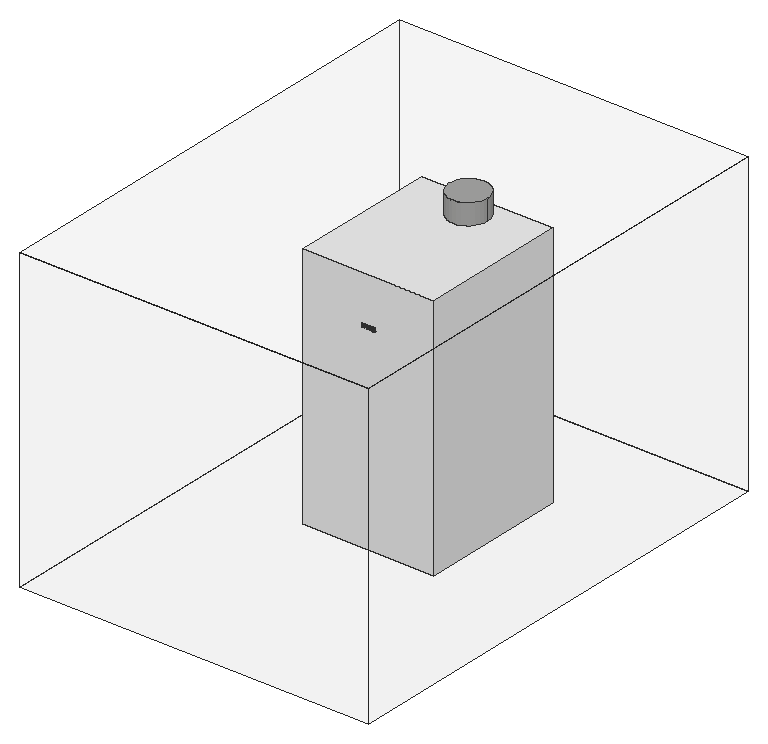
Revit family "Sirius_two_FS_110kW_LOD-3", category Mechanical Equipment, Revit 2014
Parameters (values of type "110kW")
  Weekly = "0"
  Water Treatment Required = yes
  Water Content = 9.83 L
  Warranty ID = "See manufacturers website for warranty options and T&C's"
  Voltage = 230 V
  Uniclass2015 = "Pr_60_60_08"
  URL = ""
  Type = ""
  Turndown Ratio = "9:1"
  Supply Phase = 1
  Starting Current = 0 A
  Sound Pressure Level = "65 dBA"
  Shipping Weight = 117.00 kg
  Shape = "Rectangular (Vertical)"
  Safety Valve Connection Type = "Threaded"
  Safety Valve Connection Size = 19.05 mm
  Responsible Sourcing of Materials = "0"
  Responsible Extraction of Materials = "0"
  Reference Standard = "ISO 9001; ISO 14001"
  Rated Output = 102000 W
  Rated Criteria = "80/60"
  Quarterly = "0"
  Product Range = "Sirius two FS (110kW)"
  Product Model Number = "5142183"
  Product Literature = "ww.pottertoncommercial.co.uk/products/stainless-steel/sirius-two-fs-50-110kW.htm"
  Primary Fuel = "Gas - NG"
  Overall Width = 600 mm
  Overall Length = 681 mm
  Overall Height = 1127 mm
  Optional Fuel = "Gas - LPG"
  Operation and Maintenance Manual = "http://www.pottertoncommercial.co.uk/products/stainless-steel/sirius-two-fs-50-110kW.htm"
  Oil Consumption rate = 0
  Nominal Oil Inlet Pressure = 0.000 bar
  Nominal Gas Inlet Pressure = 0.020 bar
  NOx Emissions = "22 mg/kWh"
  Mounting = "Floor Standing"
  Monthly = "0"
  Model = "SIRIUS two FS50"  # constant formula
  Minimum Power Consumption = 24 W
  Minimum Operating Pressure = 1.000 bar
  Minimum Oil Inlet Pressure = 0.000 bar
  Minimum Gas Inlet Pressure = 0.018 bar
  Minimum Flow Rate at 20C temperature differential = 1.220 L/s
  Minimum Flow Rate at 11C temperature differential = 1.630 L/s
  Maximum Power Consumption = 185 W
  Maximum Operating Pressure = 4.000 bar
  Maximum Oil Inlet Pressure = 0.000 bar
  Maximum Gas Inlet Pressure = 0.000 bar
  Material Ingredient Reporting = "0"
  Manufacturer Website = "http://www.pottertoncommercial.co.uk/index.htm"
  Manufacturer = "Potterton Commercial"  # constant formula
  Maintenance Required 8001 to 12000hrs = "0"
  Maintenance Required 601 to 1000hrs = "0"
  Maintenance Required 4001 to 8000hrs = "0"
  Maintenance Required 301 to 600hrs = "0"
  Maintenance Required 2001 to 4000hrs = "0"
  Maintenance Required 1001 to 2000hrs = "0"
  Maintenance Required 0 to 300hrs = "0"
  Location of Manufacturer = "0"
  Life Cycle Analysis = "0"
  Interlocks = yes
  IfcExportType = "NOTDEFINED"  # constant formula
  IfcExportAs = "IfcBoilerType"  # constant formula
  IP Rating = "IP21"
  IK Rating = "0"
  Hydraulic Resistance at 20C temperature differential = 0.022 bar
  Hydraulic Resistance at 11C temperature differential = 0.040 bar
  Heater Operation = "Condensing"
  Heat Exchanger Material = "Stainless Steel"
  Gross Weight = 104.00 kg
  Green Guide for Specification = "0"
  Gas Consumption rate = "11.1 m3/h"
  Fuse Rating = 0 A
  Full Load Current = 0 A
  Fuel Connection Type = "Threaded"
  Fuel Connection Size = 645.16 mm
  Frequency = 50 Hz
  Flue or Air Intake Classification = "C13; C33; B23; B23p; C43; C53; C63; C83"
  Flue Connection size = 110 mm
  Flow and Return Connection Type = "Threaded"
  Flow and Return Connection Size = 967.74 mm
  Finish = "Powder coated"
  Features = "Floor standing boiler, stainless steel heat exchanger, 9:1 modulation"
  External Material = "Steel"
  Expected Life = ">10 years"
  ErP Seasonal Efficiency = "0 %"
  ErP Rated Efficiency at Part Load = "97.4 %"
  ErP Rated Efficiency at Full Load = "87.6 %"
  ErP Energy Label = "0"
  Environmental Product Declaration = "0"
  Energy Technology List = "https://etl.decc.gov.uk/engetl/fox/live/ETL_PUBLIC_PRODUCT_SEARCH/product?PROD_ID=74732"
  Embodied Carbon = "0"
  Drain Connection Type = "Plain"
  Drain Connection Size = 0 mm
  Description = ""
  Daily = "0"
  Control Type = "Optimised, modulating, weather compensating, BMS compatible"
  Configuration = "Single boiler"
  Condensate Drain Type = "Plain"
  Condensate Drain Size = 22 mm
  Colour = "White"
  Clearance Box Visibility [instance] = yes
  CE Mark = "CE-0085CP0089"
  Burner Control Type = "Modulating"
  Building Regulations Seasonal Efficiency = "96.4 %"
  Bespoke Timeframe = "0"
  BMS Links = yes
  Annually = "Annual service according to manufacturers guidance."
  Air Inlet Connection Size = 160 mm
  Additional Technical Details = "Cascade kits available for up to 6 boilers"
  Access Clearance Top = 250 mm
  Access Clearance Right = 500 mm
  Access Clearance Rear = 500 mm
  Access Clearance Left = 500 mm
  Access Clearance Front = 1000 mm
  Access Clearance Bottom = 0 mm
  6 Monthly = "0"
Reference planes
  plane 1 "Center (Front/Back)": y = 0
  plane 2: z = 0
  plane 3 "Center (Left/Right)": x = 0
Forms (mm)
  Extrusion 1, solid, material "Potterton Sirius FS - Logo"
    sketch origin (-369.668, -681, 820.982) x (1, 0, 0) y (0, 0, 1)
      loop
        arc (342.971, 100.811) -> (344.366, 99.416) -> (342.971, 98.02) r 1.395
        line (342.971, 98.02) -> (339.501, 98.02) -> (339.501, 93.964) -> (341.208, 93.964) -> (341.208, 96.293) -> (342.971, 96.293)
        arc (342.971, 96.293) -> (344.738, 96.848) -> (345.87, 98.315) r 3.088
        arc (345.87, 98.315) -> (351.536, 94.006) -> (353.627, 100.811) r 4.341
        line (353.627, 100.811) -> (355.933, 100.811) -> (355.933, 93.964) -> (357.701, 93.964) -> (357.701, 100.811) -> (361.06, 100.811) -> (361.06, 93.964) -> (362.813, 93.964) -> (362.813, 100.811) -> (366.054, 100.811) -> (366.054, 93.964) -> (372.032, 93.964) -> (372.032, 95.63) -> (367.807, 95.63) -> (367.807, 97.433) -> (371.262, 97.433)
        arc (371.262, 97.433) -> (372.08, 98.251) -> (371.262, 99.069) r 0.818
        line (371.262, 99.069) -> (367.807, 99.069) -> (367.807, 100.811) -> (375.58, 100.811)
        arc (375.58, 100.811) -> (376.451, 99.94) -> (375.58, 99.069) r 0.871
        line (375.58, 99.069) -> (373.302, 99.069)
        arc (373.302, 99.069) -> (372.52, 98.49) -> (372.845, 97.573) r 0.818
        line (372.845, 97.573) -> (381.32, 91.867)
        arc (381.32, 91.867) -> (382.144, 91.832) -> (382.566, 92.541) r 0.805
        line (382.566, 92.541) -> (382.566, 100.811) -> (385.072, 100.811)
        arc (385.072, 100.811) -> (386.619, 94.222) -> (392.72, 97.151) r 4.341
        line (392.72, 97.151) -> (392.72, 93.964) -> (394.487, 93.964) -> (394.487, 99.069) -> (398.739, 94.236)
        arc (398.739, 94.236) -> (399.755, 93.983) -> (400.351, 94.844) r 0.921
        line (400.351, 94.844) -> (400.351, 101.682)
        arc (400.351, 101.682) -> (399.452, 102.581) -> (398.554, 101.682) r 0.899
        line (398.554, 101.682) -> (398.554, 97.165) -> (394.162, 102.301)
        arc (394.162, 102.301) -> (393.255, 102.537) -> (392.72, 101.768) r 0.819
        line (392.72, 101.768) -> (392.72, 99.124)
        arc (392.72, 99.124) -> (391.302, 101.447) -> (388.78, 102.469) r 4.341
        line (388.78, 102.469) -> (379.034, 102.469)
        arc (379.034, 102.469) -> (378.205, 101.64) -> (379.034, 100.811) r 0.829
        line (379.034, 100.811) -> (380.772, 100.811) -> (380.772, 94.179) -> (375.58, 97.707)
        arc (375.58, 97.707) -> (377.961, 100.088) -> (375.58, 102.469) r 2.381
        line (375.58, 102.469) -> (353.905, 102.469)
        arc (353.905, 102.469) -> (353.223, 102.111) -> (353.129, 101.347) r 0.829
        arc (353.129, 101.347) -> (349.064, 102.325) -> (346.059, 99.418) r 4.341
        arc (346.059, 99.418) -> (345.142, 101.577) -> (342.971, 102.469) r 3.088
        line (342.971, 102.469) -> (339.417, 102.469)
        arc (339.417, 102.469) -> (338.587, 101.64) -> (339.417, 100.811) r 0.829
        line (339.417, 100.811) -> (342.971, 100.811)
      loop
        line (384.051, 92.773) -> (384.051, 91.973) -> (400.157, 91.973) -> (400.157, 92.773) -> (384.051, 92.773)
      loop
        line (339.501, 92.773) -> (339.501, 91.973) -> (378.488, 91.973) -> (378.488, 92.773) -> (339.501, 92.773)
      loop
        arc (340.058, 88.937) -> (338.522, 87.401) -> (340.058, 85.864) r 1.537
        line (340.058, 85.864) -> (399.258, 85.864)
        arc (399.258, 85.864) -> (400.795, 87.401) -> (399.258, 88.937) r 1.537
        line (399.258, 88.937) -> (340.058, 88.937)
      loop
        circle (350.207, 98.138) r 2.591
      loop
        circle (342.971, 99.416) r 0.875
      loop
        circle (388.493, 98.138) r 2.591
    from 0 to 2
  Sweep 2, solid
    path origin (0, 0, -15) x (1, 0, 0) y (0, 0, 1)
      loop
        line (0, 1147) -> (0, 1241.026)
    profile origin (0, 0, 1179.013) x (-1, 0, 0) y (0, -1, 0)
      loop
        circle (0, 107) r 88.5
  Sweep 3, solid
    path origin (0, 0, 0) x (0, 1, 0) y (0, 0, 1)
      loop
        line (0, 0) -> (19, 0)
    profile origin (0, 9.5, 0) x (0, 0, 1) y (1, 0, 0)
      loop
        circle (376, 202) r 19.05
      loop
        circle (276, 202) r 19.05
      loop
        circle (211, -238) r 9
      loop
        circle (704, -246) r 12.7
  Extrusion 4, solid, material "Potterton Sirius WH - Cover"
    sketch origin (0, -2, 0) x (1, 0, 0) y (0, 1, 0)
      loop
        line (-300, 2) -> (-300, -679) -> (300, -679) -> (300, 2) -> (-300, 2)
    from 0 to 1132
  Extrusion 5, solid, material "Glass - Clear - Amber", visible <- "Clearance Box Visibility"
    sketch origin (0, 0, 0) x (1, 0, 0) y (0, 1, 0)
      loop
        line (-800, 500) -> (-800, -1681) -> (800, -1681) -> (800, 500) -> (-800, 500)
    from 0 to 1382
Dimensions and locks
  aligned and locked: level to plane 2
  aligned and locked: plane 1 "Center (Front/Back)" to Sweep 3 sketch curve
  aligned and locked: Sweep 3 sketch curve to level
  aligned and locked: plane 1 "Center (Front/Back)" to Extrusion 4 sketch curve
Connectors
  hvac at (0, -107, 1226.026)
    settings: on Sweep 2, index 6, duct flow 0.0 m³/h, flow factor 0, pres drop 0.000 bar, loss coef 0, conn angle 0.00°, conn width 304.8 mm, conn height 304.8 mm, conn diameter 160 mm, duct sys type 3, conn prof type 0, flow config 1, flow direction 2, loss method 0, conn ref index -1, conn util no, is conn primary yes, conn desc "Flue"
  piping at (-246, 19, 704), diameter 25.4
    settings: on Sweep 3, index 7, connector inside diameter 609.6 mm, connector length 0 mm, flow factor 0, pipe flow 0.000 L/s, pressure drop 0.000 bar, fitting loss kfactor 0, connector angle 0.00°, fixture units 0, engagement length 0 mm, angle of deflection 0.00°, flow configuration 1, flow direction 1, fitting loss method 0, system type 22, joint type 0, gender type 0, connector reference index -1, connector utility 0, adjustable connector no, is connector primary no, connector description "Gas"
  piping at (202, 19, 376), diameter 38.1
    settings: on Sweep 3, index 8, connector inside diameter 609.6 mm, connector length 0 mm, flow factor 0, pipe flow 0.000 L/s, pressure drop 0.000 bar, fitting loss kfactor 0, connector angle 0.00°, fixture units 0, engagement length 0 mm, angle of deflection 0.00°, flow configuration 0, flow direction 1, fitting loss method 0, system type 8, joint type 0, gender type 0, connector reference index -1, connector utility 0, adjustable connector no, is connector primary no, connector description "Return"
  piping at (202, 19, 276), diameter 38.1
    settings: on Sweep 3, index 9, connector inside diameter 609.6 mm, connector length 0 mm, flow factor 0, pipe flow 0.000 L/s, pressure drop 0.000 bar, fitting loss kfactor 0, connector angle 0.00°, fixture units 0, engagement length 0 mm, angle of deflection 0.00°, flow configuration 1, flow direction 2, fitting loss method 0, system type 7, joint type 0, gender type 0, connector reference index -1, connector utility 0, adjustable connector no, is connector primary yes, connector description "Flow"
  piping at (-238, 19, 211), diameter 18
    settings: on Sweep 3, index 10, connector inside diameter 609.6 mm, connector length 0 mm, flow factor 0, pipe flow 0.000 L/s, pressure drop 0.000 bar, fitting loss kfactor 0, connector angle 0.00°, fixture units 0, engagement length 0 mm, angle of deflection 0.00°, flow configuration 1, flow direction 2, fitting loss method 0, system type 22, joint type 0, gender type 0, connector reference index -1, connector utility 0, adjustable connector no, is connector primary no, connector description "Drain"
